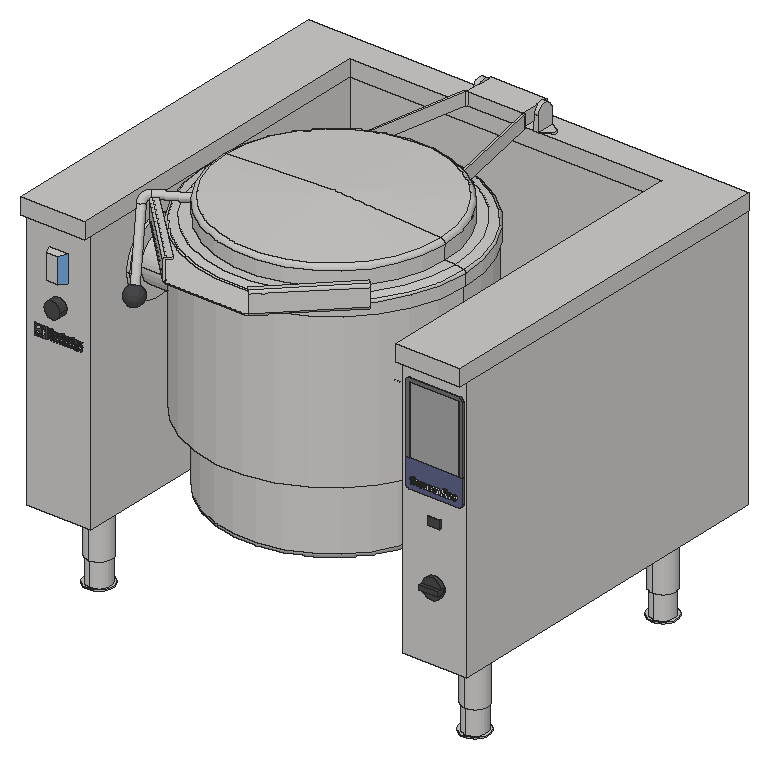
Revit family "QF_ELECTROLUXPROFESSIONAL_587176_PBOT06SCJO", category Attrezzature speciali, Revit 2020
Family settings
  Quota connettore circolare = Usa diametro
  Tipo di parte = Normale
  Basato su piano di lavoro = No
  Sempre verticale = Sì
  Taglio con vuoti quando caricato = No
  Condiviso = No
  Punto di calcolo locali = No
Parameters (values of type "Standard")
  Weight = 170.00 kg
  Watts = 200 W
  Volts = 230 V
  URL Manufacturer = "https://www.electroluxprofessional.com/"
  URL = "https://www.electroluxprofessional.com/"
  Steam Supply Size = 25.4 mm
  Steam Supply Minimum Pressure = 3.28084 Pa
  Steam Supply Maximum Pressure = 4.92126 Pa
  Steam Consumption per Hour = 40
  Refrigeration Suction Line Size = 0.0 mm
  Refrigeration Liquid Line Size = 0.0 mm
  Refrigerant Compressor Remote = yes
  Prospetto di default = 0.0 mm
  Produttore = "Electrolux Professional"
  Phase = 1
  Modello = "PBOT06SCJO"
  Length Actual = 1100.0 mm  # constant formula
  Item Number = "587176"
  Hot Water Size = 12.7 mm
  Height Actual = 700.0 mm  # constant formula
  HP = "0.3 HP"
  Gas Size = 0 mm
  Gas KW = 0
  Gas Input Pressure = 0 W
  Direct Waste Size = 0 mm
  Descrizione = "STEAM (ELEC) BOILING PAN,TILTING,60LT,230V,FS,MARINE"
  Depth Actual = 900.0 mm  # constant formula
  Cycle = 50 Hz
  Condensate Return Size = 25.4 mm
  Compressed Air Volume = 0.0 L/s
  Compressed Air Size = 0 mm
  Compressed Air Pressure = 0.0 Pa
  Cold Water Size = 12.7 mm
  Accessory = yes
Reference planes
  plane 1 "Center (Front/Back)": y = 0
  plane 2: z = 0
  plane 3 "Center (Left/Right)": x = 0
  plane 4 "LEFT": x = -550
  plane 5 "RIGHT": x = 550
  plane 6 "BACK": y = 450
  plane 7 "FRONT": y = -450
  plane 8 "Base": z = 200
  plane 9 "TOP": z = 900
  plane 10: x = -390
  plane 11: x = 390
  plane 12 "Axe_PentolaY": y = -230
  plane 13 "AxePentolaZ": z = 730
  plane 14 "PLANE_TOP": z = 860
  plane 15: y = 380
  plane 16: x = -324.5
  plane 17: z = 880
  plane 18: z = 495
  plane 19: z = 295
  plane 20: x = -278.5
  plane 21: y = -558
  plane 22 "CentroPentolaY": y = -158
  plane 23 "TopCoperchio": z = 981
  plane 24 "Versamento": z = 910
  plane 25 "V1": through (-107.18, -558, 4000) normal (-0.7071, -0.7071, 0)
  plane 26 "V2": through (107.18, -558, 4000) normal (-0.7071, 0.7071, 0)
  plane 27 "Gfront": y = -1300
  plane 28 "LEVEL": through (-245.562, -289.383, 4000) normal (0.866, 0.5, 0)
  plane 29 "GRight": x = 250
  plane 30 "GLeft": x = -250
  plane 31 "Gback": y = -100
  plane 32: z = 1756
  plane 33 "Ribaltamento": y = -623
  plane 34: x = -470
  plane 35: x = 470
Forms (mm)
  Revolve 1, solid, material "QF_Finishes_Stainless Steel"
    sketch origin (0, 0, 730) x (-1, 0, 0) y (0, -1, 0)
      loop
        line (390, 230) -> (-390, 230) -> (-390, 140) -> (-380, 140) -> (-380, 173) -> (380, 173) -> (380, 140) -> (390, 140) -> (390, 230)
      axis (390, 230) -> (-390, 230)
    angle from 0 to 360
  Extrusion 2, solid, material "QF_Finishes_Stainless Steel"
    sketch origin (0, 0, 860) x (-1, 0, 0) y (0, -1, 0)
      loop
        line (550, 450) -> (390, 450) -> (390, -380) -> (-390, -380) -> (-390, 450) -> (-550, 450) -> (-550, -450) -> (550, -450) -> (550, 450)
    from 0 to 40
  Extrusion 3, solid, material "QF_Finishes_Stainless Steel"
    sketch origin (0, 0, 860) x (-1, 0, 0) y (0, -1, 0)
      loop
        line (390, -380) -> (-390, -380) -> (-390, -450) -> (390, -450) -> (390, -380)
    from 0 to -360
  Revolve 4, solid, material "QF_Finishes_Stainless Steel"
    sketch origin (0, -158, 0) x (-1, 0, 0) y (0, 0, 1)
      loop
        line (0, 880) -> (0, 295)
        arc (0, 295) -> (134.311, 298.607) -> (268.234, 309.425) r 2500
        arc (268.234, 309.425) -> (275.557, 313.176) -> (278.5, 320.859) r 11.5
        line (278.5, 320.859) -> (278.5, 495) -> (324.5, 495) -> (324.5, 880) -> (0, 880)
      axis (0, 880) -> (0, 295)
    angle from 0 to 360
  Revolve 5, solid, material "QF_Finishes_Stainless Steel"
    sketch origin (0, -158, 0) x (-1, 0, 0) y (0, 0, 1)
      loop
        line (329.5, 880) -> (329.5, 908.417)
        arc (329.5, 908.417) -> (328.283, 912.04) -> (325.126, 914.193) r 6
        line (325.126, 914.193) -> (304.5, 920) -> (278.5, 920) -> (278.5, 954.728)
        arc (278.5, 954.728) -> (275.569, 962.398) -> (268.269, 966.158) r 11.5
        arc (268.269, 966.158) -> (134.339, 977.287) -> (0, 981) r 2431.82
        line (0, 981) -> (0, 880) -> (329.5, 880)
      axis (0, 981) -> (0, 880)
    angle from 0 to 360
  Extrusion 6, solid, material "QF_Finishes_Stainless Steel"
    sketch origin (0, 0, 910) x (-1, 0, 0) y (0, -1, 0)
      loop
        line (252.412, 369.799) -> (271.162, 385.532) -> (98.694, 558) -> (-98.694, 558) -> (-102.937, 553.757) -> (-271.162, 385.532) -> (-252.412, 369.799)
        arc (-252.412, 369.799) -> (0, 487.5) -> (252.412, 369.799) r 329.5
    from 0 to 3
  Sweep 7, solid, material "QF_Finishes_Stainless Steel"
    path origin (0, 0, 910) x (-1, 0, 0) y (0, -1, 0)
      loop
        line (107.18, 558) -> (275.776, 389.404)
    profile origin (-191.478, -473.702, 910) x (-0.707107, -0.707107, 0) y (0, 0, 1)
      loop
        arc (-6, 0) -> (-1.757, 1.757) -> (0, 6) r 6
        line (0, 6) -> (0, 50)
        arc (0, 50) -> (-1.757, 54.243) -> (-6, 56) r 6
        line (-6, 56) -> (-19, 56) -> (-19, 53) -> (-6, 53)
        arc (-6, 53) -> (-3.879, 52.121) -> (-3, 50) r 3
        line (-3, 50) -> (-3, 6)
        arc (-3, 6) -> (-3.879, 3.879) -> (-6, 3) r 3
        line (-6, 3) -> (-19, 3) -> (-19, 0) -> (-6, 0)
  Sweep 8, solid, material "QF_Finishes_Stainless Steel"
    path origin (0, 0, 910) x (-1, 0, 0) y (0, -1, 0)
      loop
        line (-107.18, 558) -> (-275.776, 389.404)
    profile origin (191.478, -473.702, 910) x (-0.707107, 0.707107, 0) y (0, 0, 1)
      loop
        arc (0, 6) -> (1.757, 1.757) -> (6, 0) r 6
        line (6, 0) -> (19, 0) -> (19, 3) -> (6, 3)
        arc (6, 3) -> (3.879, 3.879) -> (3, 6) r 3
        line (3, 6) -> (3, 50)
        arc (3, 50) -> (3.879, 52.121) -> (6, 53) r 3
        line (6, 53) -> (19, 53) -> (19, 56) -> (6, 56)
        arc (6, 56) -> (1.757, 54.243) -> (0, 50) r 6
        line (0, 50) -> (0, 6)
  Extrusion 9, solid, material "QF_Finishes_Stainless Steel"
    sketch origin (0, 0, 0) x (0, 1, 0) y (0, 0, 1)
      loop
        line (420, 900) -> (420, 938.813)
        arc (420, 938.813) -> (400, 958.813) -> (380, 938.813) r 20
        line (380, 938.813) -> (380, 900) -> (420, 900)
    from -70 to -82
  Extrusion 10, solid, material "QF_Finishes_Stainless Steel"
    sketch origin (0, 0, 900) x (0, 1, 0) y (-1, 0, 0)
      loop
        arc (340.954, 71.665) -> (343.858, 69.937) -> (345, 66.757) r 5
        line (345, 66.757) -> (345, -66.757)
        arc (345, -66.757) -> (343.858, -69.937) -> (340.954, -71.665) r 5
        line (340.954, -71.665) -> (93.426, -119.779)
        arc (93.426, -119.779) -> (92.062, -122.602) -> (90.666, -125.409) r 278.5
        line (90.666, -125.409) -> (341.908, -76.573)
        arc (341.908, -76.573) -> (346.566, -74.299) -> (349.459, -70) r 10
        line (349.459, -70) -> (420, -70) -> (420, 70) -> (349.459, 70)
        arc (349.459, 70) -> (346.566, 74.299) -> (341.908, 76.573) r 10
        line (341.908, 76.573) -> (90.666, 125.409)
        arc (90.666, 125.409) -> (92.062, 122.602) -> (93.426, 119.779) r 278.5
        line (93.426, 119.779) -> (340.954, 71.665)
    from 23.419 to 54.644
  Extrusion 11, solid, material "QF_Finishes_Stainless Steel"
    sketch origin (0, 0, 0) x (0, 1, 0) y (0, 0, 1)
      loop
        line (420, 900) -> (420, 938.813)
        arc (420, 938.813) -> (400, 958.813) -> (380, 938.813) r 20
        line (380, 938.813) -> (380, 900) -> (420, 900)
    from 70 to 82
  Extrusion 12, solid, material "QF_Finishes_Stainless Steel"
    sketch origin (0, 0, 900) x (0, 1, 0) y (-1, 0, 0)
      loop
        arc (391.973, -103.927) -> (400, -108.689) -> (408.027, -103.927) r 9.146
        line (408.027, -103.927) -> (420, -82) -> (380, -82) -> (391.973, -103.927)
      loop
        line (391.973, 103.927) -> (380, 82) -> (420, 82) -> (408.027, 103.927)
        arc (408.027, 103.927) -> (400, 108.689) -> (391.973, 103.927) r 9.146
    from 0 to 3
  Extrusion 13, solid, material "QF_Door-Drawer Clearances", detail levels coarse
    sketch origin (0, 0, 0) x (0, 1, 0) y (0, 0, 1)
      loop
        line (420, 954.644) -> (-100, 1756.433)
        arc (-100, 1756.433) -> (-429.239, 1419.298) -> (-558, 966) r 958.386
        line (-558, 966) -> (-427.491, 966)
        arc (-427.491, 966) -> (-426.775, 966.163) -> (-426.05, 966.281) r 12.073
        arc (-426.05, 966.281) -> (-158, 981) -> (110.05, 966.281) r 2448.189
        arc (110.05, 966.281) -> (117.432, 962.392) -> (120.529, 954.644) r 12.073
        line (120.529, 954.644) -> (420, 954.644)
    from -125 to 125
  Extrusion 14, solid, material "QF_Door-Drawer Clearances", detail levels coarse
    sketch origin (0, 0, 0) x (0, 1, 0) y (0, 0, 1)
      loop
        arc (-558, 946.483) -> (-618.885, 673.279) -> (-482.5, 428.848) r 393
        line (-482.5, 428.848) -> (-482.5, 880) -> (-487.5, 880) -> (-487.5, 910) -> (-553.757, 910)
        spline (-553.757, 910) -> (-554.311, 910.051) -> (-554.855, 910.204) -> (-555.381, 910.457) -> (-555.879, 910.804) -> (-556.34, 911.24) -> (-556.757, 911.757) -> (-557.123, 912.347) -> (-557.432, 913) -> (-557.677, 913.704) -> (-557.855, 914.447) -> (-557.964, 915.217) -> (-558, 916)
        line (-558, 916) -> (-558, 946.483)
    from -100 to 100
Cuts and joins
  joined: Extrusion 6, Sweep 7, Sweep 8
Lines and regions (mm)
  symbolic lines
    curve 1: line (550, 450, 900) -> (-550, 450, 900)
    curve 2: line (550, -450, 900) -> (550, 450, 900)
    curve 3: line (-550, 450, 900) -> (-550, -450, 900)
    curve 4: line (-550, -450, 900) -> (-390, -450, 900)
    curve 5: line (-390, -450, 900) -> (-390, 380, 900)
    curve 6: line (390, 380, 900) -> (390, -450, 900)
    curve 7: line (390, -450, 900) -> (550, -450, 900)
    curve 8: line (380, -140, 900) -> (380, -320, 900)
    curve 9: line (-380, -140, 900) -> (-380, -320, 900)
    curve 10: arc (329.5, -158, 900) -> (0, 171.5, 900) -> (-329.5, -158, 900) r 329.5
    curve 11: arc (-280.749, -330.483, 900) -> (285.355, 6.75, 900) -> (-289.749, -314.894, 900) r 329.5
    curve 12: circle (0, -158, 900) r 278.5 normal (0, 0, 1)
    curve 13: arc (-259.09, -317.978, 900) -> (263.705, -5.75, 900) -> (-268.09, -302.389, 900) r 304.5
    curve 14: line (-380, -140, 900) -> (-390, -140, 900)
    curve 15: line (-380, -320, 900) -> (-390, -320, 900)
    curve 16: line (380, -140, 900) -> (390, -140, 900)
    curve 17: line (380, -320, 900) -> (390, -320, 900)
    curve 18: line (-70, 349.459, 900) -> (-70, 420, 900)
    curve 19: line (-82, 420, 900) -> (82, 420, 900)
    curve 20: line (70, 420, 900) -> (70, 349.459, 900)
    curve 21: line (-119.779, 93.426, 900) -> (-71.665, 340.954, 900)
    curve 22: line (-76.573, 341.908, 900) -> (-125.409, 90.666, 900)
    curve 23: line (71.665, 340.954, 900) -> (119.779, 93.426, 900)
    curve 24: line (-66.757, 345, 900) -> (66.757, 345, 900)
    curve 25: line (125.409, 90.666, 900) -> (76.573, 341.908, 900)
    curve 26: arc (-70, 349.459, 900) -> (-74.299, 346.566, 900) -> (-76.573, 341.908, 900) r 10
    curve 27: arc (-71.665, 340.954, 900) -> (-69.937, 343.858, 900) -> (-66.757, 345, 900) r 5
    curve 28: arc (66.757, 345, 900) -> (69.937, 343.858, 900) -> (71.665, 340.954, 900) r 5
    curve 29: arc (76.573, 341.908, 900) -> (74.299, 346.566, 900) -> (70, 349.459, 900) r 10
    curve 30: line (107.18, -558, 900) -> (-107.18, -558, 900)
    curve 31: line (-107.18, -558, 900) -> (-275.776, -389.404, 900)
    curve 32: line (-275.776, -389.404, 900) -> (-262.341, -375.969, 900)
    curve 33: line (-262.341, -375.969, 900) -> (-93.745, -544.565, 900)
    curve 34: line (-93.745, -544.565, 900) -> (-107.18, -558, 900)
    curve 35: line (107.18, -558, 900) -> (93.745, -544.565, 900)
    curve 36: line (93.745, -544.565, 900) -> (262.341, -375.969, 900)
    curve 37: line (262.341, -375.969, 900) -> (275.776, -389.404, 900)
    curve 38: line (275.776, -389.404, 900) -> (107.18, -558, 900)
    curve 39: line (261.166, -377.144, 900) -> (252.412, -369.799, 900)
    curve 40: line (-261.166, -377.144, 900) -> (-252.412, -369.799, 900)
    curve 41: line (-103.927, 391.973, 900) -> (-82, 380, 900)
    curve 42: arc (-103.927, 408.027, 900) -> (-108.689, 400, 900) -> (-103.927, 391.973, 900) r 9.146
    curve 43: line (-82, 420, 900) -> (-103.927, 408.027, 900)
    curve 44: line (-82, 420, 900) -> (-82, 380, 900)
    curve 45: line (82, 380, 900) -> (82, 420, 900)
    curve 46: line (103.927, 408.027, 900) -> (82, 420, 900)
    curve 47: arc (103.927, 391.973, 900) -> (108.689, 400, 900) -> (103.927, 408.027, 900) r 9.146
    curve 48: line (82, 380, 900) -> (103.927, 391.973, 900)
    curve 54: line (-390, 380, 900) -> (-70, 380, 900)
    curve 55: line (390, 380, 900) -> (70, 380, 900)
    curve 56: line (-380, -172.761, 900) -> (-329.169, -172.761, 900)
    curve 57: line (-380, -286.868, 900) -> (-303.254, -286.868, 900)
    curve 58: line (380, -172.761, 900) -> (329.169, -172.761, 900)
    curve 59: line (380, -286.868, 900) -> (303.254, -286.868, 900)
  symbolic lines, style "SpecialityEquipmentHiddenLines"
    curve 49: line (-250, -1300, 900) -> (250, -1300, 900)
    curve 50: line (-250, -100, 900) -> (-250, -1300, 900)
    curve 51: line (250, -100, 900) -> (-250, -100, 900)
    curve 52: line (250, -1300, 900) -> (250, -100, 900)
    curve 76: line (0, -1165.484, 900) -> (0, -1135.484, 900)
    curve 77: line (-15, -1150.484, 900) -> (15, -1150.484, 900)
  symbolic lines, style "SpecialityEquipment"
    curve 53: circle (0, -1150.484, 900) r 15 normal (0, 0, 1)
    curve 60: line (210, -1300, 900) -> (210, -1100, 900)
    curve 61: line (170, -1300, 900) -> (170, -1140, 900)
    curve 62: line (130, -1300, 900) -> (130, -1180, 900)
    curve 63: line (90, -1300, 900) -> (90, -1220, 900)
    curve 64: line (90, -1260, 900) -> (250, -1260, 900)
    curve 65: line (130, -1220, 900) -> (250, -1220, 900)
    curve 66: line (170, -1180, 900) -> (250, -1180, 900)
    curve 67: line (210, -1140, 900) -> (250, -1140, 900)
    curve 68: line (-210, -1300, 900) -> (-210, -1100, 900)
    curve 69: line (-170, -1300, 900) -> (-170, -1140, 900)
    curve 70: line (-130, -1300, 900) -> (-130, -1180, 900)
    curve 71: line (-90, -1300, 900) -> (-90, -1220, 900)
    curve 72: line (-90, -1260, 900) -> (-250, -1260, 900)
    curve 73: line (-130, -1220, 900) -> (-250, -1220, 900)
    curve 74: line (-170, -1180, 900) -> (-250, -1180, 900)
    curve 75: line (-210, -1140, 900) -> (-250, -1140, 900)
Dimensions and locks
  plane 4 "LEFT" to plane 5 "RIGHT" = 1100.0 mm
  equal spacing: plane 4 "LEFT", plane 3 "Center (Left/Right)", plane 5 "RIGHT"
  equal spacing: plane 6 "BACK", plane 1 "Center (Front/Back)", plane 7 "FRONT"
  plane 6 "BACK" to plane 7 "FRONT" = 900.0 mm
  plane 8 "Base" to level = 200.0 mm
  plane 9 "TOP" to level = 900.0 mm
  plane 9 "TOP" to plane 8 "Base" = 700.0 mm
  locked: plane 4 "LEFT" to plane 10 at 160
  locked: plane 11 to plane 5 "RIGHT" at 160
  locked: plane 6 "BACK" to plane 12 "Axe_PentolaY" at 680
  locked: plane 13 "AxePentolaZ" to plane 8 "Base" at 530
  locked: Revolve 1 sketch curve to Revolve 1 sketch curve at 57
  locked: Revolve 1 sketch curve to Revolve 1 sketch curve at 90
  locked: plane 10 to Revolve 1 sketch curve at 10
  locked: Revolve 1 sketch curve to plane 11 at 10
  locked: plane 9 "TOP" to plane 14 "PLANE_TOP" at 40
  plane 6 "BACK" to plane 15 = 70.0 mm
  locked: plane 17 to plane 13 "AxePentolaZ" at 150
  locked: plane 13 "AxePentolaZ" to plane 18 at 235
  locked: plane 18 to plane 19 at 200
  locked: plane 3 "Center (Left/Right)" to plane 16 at 324.5
  locked: plane 3 "Center (Left/Right)" to plane 20 at 278.5
  Revolve 5 sketch curve to plane 17 = 40.0 mm
  locked: plane 16 to Revolve 5 sketch curve at 5
  plane 6 "BACK" to plane 21 = 1008.0 mm
  locked: plane 6 "BACK" to plane 22 "CentroPentolaY" at 608
  locked: plane 23 "TopCoperchio" to plane 9 "TOP" at 81
  locked: plane 24 "Versamento" to level at 910
  plane 6 "BACK" to plane 27 "Gfront" = 1750.0 mm
  locked: plane 30 "GLeft" to plane 3 "Center (Left/Right)" at 250
  locked: plane 3 "Center (Left/Right)" to plane 29 "GRight" at 250
  plane 6 "BACK" to plane 31 "Gback" = 550.0 mm
  plane 32 to plane 9 "TOP" = 856.0 mm
  plane 6 "BACK" to plane 33 "Ribaltamento" = 1073.0 mm
  equal spacing: plane 10, plane 34, plane 4 "LEFT"
  equal spacing: plane 5 "RIGHT", plane 35, plane 11
  aligned and locked: level to plane 2
  aligned and locked: plane 5 "RIGHT" to nested 2
  aligned and locked: plane 4 "LEFT" to nested 1
  aligned and locked: plane 8 "Base" to nested 1
  aligned and locked: plane 8 "Base" to nested 2
  aligned and locked: plane 6 "BACK" to nested 2
  aligned and locked: plane 6 "BACK" to nested 1
  aligned and locked: plane 10 to Revolve 1 sketch curve
  aligned and locked: plane 11 to Revolve 1 sketch curve
  aligned and locked: plane 4 "LEFT" to Extrusion 2 sketch curve
  aligned and locked: Extrusion 2 sketch curve to plane 10
  aligned and locked: plane 7 "FRONT" to Extrusion 2 sketch curve  (x2)
  aligned and locked: Extrusion 2 sketch curve to plane 5 "RIGHT"
  aligned and locked: plane 11 to Extrusion 2 sketch curve
  aligned and locked: Extrusion 2 sketch curve to plane 6 "BACK"
  aligned and locked: plane 15 to Extrusion 2 sketch curve
  aligned and locked: Extrusion 3 sketch curve to plane 10
  aligned and locked: plane 6 "BACK" to Extrusion 3 sketch curve
  aligned and locked: plane 11 to Extrusion 3 sketch curve
  aligned and locked: Extrusion 3 sketch curve to plane 15
  aligned and locked: plane 3 "Center (Left/Right)" to Revolve 4 sketch curve
  aligned and locked: Revolve 4 sketch curve to plane 20
  aligned and locked: Revolve 4 sketch curve to plane 18
  aligned and locked: Revolve 4 sketch curve to plane 16
  aligned and locked: plane 17 to Revolve 4 sketch curve
  aligned and locked: Revolve 5 sketch curve to plane 17
  aligned and locked: Extrusion 9 sketch curve to plane 15
  aligned and locked: Extrusion 9 sketch curve to Extrusion 2
  aligned and locked: curve 49 to plane 27 "Gfront"
  aligned and locked: curve 50 to plane 30 "GLeft"
  aligned and locked: plane 29 "GRight" to curve 52
  aligned and locked: plane 31 "Gback" to curve 51
  aligned and locked: plane 34 to nested 3
  aligned and locked: plane 35 to nested 4
Automatic sketch dimensions
  Revolve 1 sketch curve to plane 12 "Axe_PentolaY" = 0.0 mm  (x2)
  plane 22 "CentroPentolaY" to Revolve 1 sketch curve = 18.0 mm
  plane 5 "RIGHT" to Revolve 1 sketch curve = 432.098 mm
  Revolve 1 sketch curve to plane 4 "LEFT" = 580.148 mm
  Revolve 4 sketch curve to plane 3 "Center (Left/Right)" = 0.0 mm
  Revolve 4 sketch curve to plane 19 = 0.0 mm
  Revolve 4 sketch curve to plane 3 "Center (Left/Right)" = 0.059 mm
  Revolve 4 sketch curve to Revolve 4 sketch curve = 11.5 mm
  plane 19 to Revolve 4 sketch curve = 25.859 mm
  plane 23 "TopCoperchio" to Revolve 4 sketch curve = 1814.0 mm
  level to Revolve 4 sketch curve = 60.0 mm
  plane 23 "TopCoperchio" to Revolve 4 sketch curve = 179.0 mm
  Revolve 5 sketch curve to plane 3 "Center (Left/Right)" = 0.0 mm  (x2)
  plane 20 to Revolve 5 sketch curve = 0.0 mm
  Revolve 5 sketch curve to plane 23 "TopCoperchio" = 0.0 mm
  Revolve 5 sketch curve to Revolve 5 sketch curve = 11.5 mm
  plane 16 to Revolve 5 sketch curve = 20.0 mm
  plane 16 to Revolve 5 sketch curve = 1.0 mm
  Revolve 5 sketch curve to plane 16 = 0.626 mm
  Revolve 5 sketch curve to level = 1450.82 mm
  Revolve 5 sketch curve to plane 24 "Versamento" = 1.583 mm
  Revolve 5 sketch curve to plane 23 "TopCoperchio" = 26.272 mm
  Revolve 5 sketch curve to plane 18 = 95.0 mm
  plane 23 "TopCoperchio" to Revolve 5 sketch curve = 179.0 mm
  Sweep 7 sketch curve to plane 21 = 0.0 mm
  plane 25 "V1" to Sweep 7 sketch curve = 0.0 mm  (x2)
  plane 20 to Sweep 7 sketch curve = 2.724 mm
  Sweep 7 sketch curve to Sweep 7 sketch curve = 0.0 mm  (x4)
  plane 24 "Versamento" to Sweep 7 sketch curve = 0.0 mm
  Sweep 7 sketch curve to profile plane = 0.0 mm
  Sweep 7 sketch curve to Sweep 7 sketch curve = 3.0 mm  (x3)
  Sweep 7 sketch curve to Sweep 7 sketch curve = 13.0 mm  (x2)
  Sweep 7 sketch curve to Sweep 7 sketch curve = 44.0 mm
  Sweep 8 sketch curve to plane 26 "V2" = 0.0 mm  (x2)
  Sweep 8 sketch curve to plane 21 = 0.0 mm
  plane 29 "GRight" to Sweep 8 sketch curve = 25.776 mm
  Sweep 8 sketch curve to Sweep 8 sketch curve = 0.0 mm  (x4)
  Sweep 8 sketch curve to profile plane = 0.0 mm
  plane 24 "Versamento" to Sweep 8 sketch curve = 0.0 mm
  Sweep 8 sketch curve to Sweep 8 sketch curve = 3.0 mm  (x2)
  Sweep 8 sketch curve to profile plane = 6.0 mm
  Sweep 8 sketch curve to Sweep 8 sketch curve = 13.0 mm  (x2)
  Sweep 8 sketch curve to Sweep 8 sketch curve = 44.0 mm
  plane 15 to Extrusion 9 sketch curve = 20.0 mm
  plane 24 "Versamento" to Extrusion 9 sketch curve = 28.813 mm
  Extrusion 10 sketch curve to Extrusion 10 sketch curve = 0.0 mm  (x6)
  Extrusion 10 sketch curve to plane 3 "Center (Left/Right)" = 0.0 mm
  Extrusion 10 sketch curve to plane 22 "CentroPentolaY" = 0.0 mm
  Extrusion 10 sketch curve to plane 1 "Center (Front/Back)" = 90.666 mm  (x2)
  Extrusion 10 sketch curve to Extrusion 10 sketch curve = 2.76 mm  (x2)
  Extrusion 10 sketch curve to plane 15 = 40.0 mm  (x2)
  Extrusion 10 sketch curve to Extrusion 10 sketch curve = 0.954 mm  (x4)
  Extrusion 10 sketch curve to Extrusion 10 sketch curve = 5.0 mm
  Extrusion 10 sketch curve to Extrusion 10 sketch curve = 4.459 mm  (x2)
  Extrusion 10 sketch curve to plane 6 "BACK" = 30.0 mm
  plane 3 "Center (Left/Right)" to Extrusion 10 sketch curve = 66.757 mm
  plane 3 "Center (Left/Right)" to Extrusion 10 sketch curve = 70.0 mm
  plane 3 "Center (Left/Right)" to Extrusion 10 sketch curve = 119.779 mm
  Extrusion 10 sketch curve to plane 3 "Center (Left/Right)" = 66.757 mm
  Extrusion 10 sketch curve to Extrusion 10 sketch curve = 3.243 mm
  Extrusion 10 sketch curve to plane 3 "Center (Left/Right)" = 119.779 mm
  Extrusion 11 sketch curve to plane 9 "TOP" = 0.0 mm
  Extrusion 11 sketch curve to plane 15 = 0.0 mm
  plane 15 to Extrusion 11 sketch curve = 20.0 mm
  plane 24 "Versamento" to Extrusion 11 sketch curve = 28.813 mm
  Extrusion 12 sketch curve to plane 15 = 0.0 mm  (x2)
  plane 15 to Extrusion 12 sketch curve = 11.973 mm  (x2)
  Extrusion 12 sketch curve to Extrusion 12 sketch curve = 8.027 mm  (x4)
  Extrusion 12 sketch curve to Extrusion 12 sketch curve = 11.973 mm  (x2)
  plane 3 "Center (Left/Right)" to Extrusion 12 sketch curve = 103.927 mm
  Extrusion 12 sketch curve to Extrusion 12 sketch curve = 4.383 mm  (x2)
  Extrusion 12 sketch curve to Extrusion 12 sketch curve = 21.927 mm
  Extrusion 12 sketch curve to plane 3 "Center (Left/Right)" = 82.0 mm
  Extrusion 12 sketch curve to Extrusion 12 sketch curve = 17.543 mm
  Extrusion 13 sketch curve to plane 22 "CentroPentolaY" = 0.0 mm
  Extrusion 13 sketch curve to plane 31 "Gback" = 0.0 mm
  plane 7 "FRONT" to Extrusion 13 sketch curve = 22.509 mm
  Extrusion 13 sketch curve to Extrusion 13 sketch curve = 3.031 mm
  Extrusion 13 sketch curve to plane 23 "TopCoperchio" = 26.686 mm
  Extrusion 13 sketch curve to plane 1 "Center (Front/Back)" = 108.46 mm
  Extrusion 13 sketch curve to Extrusion 13 sketch curve = 12.068 mm
  Extrusion 13 sketch curve to level = 1467.189 mm
  Extrusion 13 sketch curve to Extrusion 13 sketch curve = 11.686 mm
  Extrusion 13 sketch curve to Extrusion 13 sketch curve = 1.441 mm
  plane 32 to Extrusion 13 sketch curve = 0.433 mm
  Extrusion 13 sketch curve to plane 21 = 0.0 mm
  plane 15 to Extrusion 13 sketch curve = 20.0 mm
  Extrusion 13 sketch curve to Extrusion 13 sketch curve = 20.0 mm
  Extrusion 13 sketch curve to Extrusion 13 sketch curve = 15.501 mm
  Extrusion 13 sketch curve to Extrusion 13 sketch curve = 0.331 mm
  Extrusion 14 sketch curve to plane 21 = 0.0 mm
  Extrusion 14 sketch curve to plane 24 "Versamento" = 0.0 mm
  Extrusion 14 sketch curve to plane 17 = 0.0 mm
  Extrusion 14 sketch curve to plane 12 "Axe_PentolaY" = 0.0 mm
  Extrusion 14 sketch curve to plane 13 "AxePentolaZ" = 0.0 mm
  Extrusion 14 sketch curve to plane 7 "FRONT" = 37.5 mm
  Extrusion 14 sketch curve to plane 7 "FRONT" = 32.5 mm
  Extrusion 14 sketch curve to plane 18 = 66.152 mm
  plane 21 to Extrusion 14 sketch curve = 4.243 mm
  Extrusion 14 sketch curve to Extrusion 14 sketch curve = 4.243 mm
  plane 24 "Versamento" to Extrusion 14 sketch curve = 6.0 mm
  Extrusion 14 sketch curve to Extrusion 14 sketch curve = 0.0 mm
  Extrusion 6 sketch curve to plane 3 "Center (Left/Right)" = 0.0 mm
  Extrusion 6 sketch curve to plane 21 = 0.0 mm
  Extrusion 6 sketch curve to plane 22 "CentroPentolaY" = 0.0 mm
  plane 3 "Center (Left/Right)" to Extrusion 6 sketch curve = 98.694 mm
  plane 21 to Extrusion 6 sketch curve = 4.243 mm
  Extrusion 6 sketch curve to Extrusion 6 sketch curve = 4.243 mm
  plane 29 "GRight" to Extrusion 6 sketch curve = 2.412 mm
  plane 29 "GRight" to Extrusion 6 sketch curve = 21.162 mm
  Extrusion 6 sketch curve to plane 30 "GLeft" = 2.412 mm
  plane 20 to Extrusion 6 sketch curve = 7.338 mm
  plane 7 "FRONT" to Extrusion 6 sketch curve = 80.201 mm
  Extrusion 6 sketch curve to Extrusion 6 sketch curve = 15.734 mm  (x2)
  Extrusion 6 sketch curve to plane 3 "Center (Left/Right)" = 98.694 mm
  curve 10 to curve 11 = 0.0 mm  (x4)
  curve 10 to curve 12 = 0.0 mm  (x3)
  curve 10 to curve 13 = 0.0 mm  (x4)
  curve 26 to curve 27 = 0.0 mm  (x2)
  curve 28 to curve 29 = 0.0 mm  (x2)
  curve 76 to plane 3 "Center (Left/Right)" = 0.0 mm
  curve 53 to plane 3 "Center (Left/Right)" = 0.0 mm
  curve 35 to plane 21 = 0.0 mm
  curve 5 to plane 7 "FRONT" = 0.0 mm
  curve 7 to plane 5 "RIGHT" = 0.0 mm
  curve 7 to plane 7 "FRONT" = 0.0 mm
  plane 25 "V1" to curve 32 = 0.0 mm
  curve 38 to plane 26 "V2" = 0.0 mm  (x2)
  curve 17 to plane 11 = 0.0 mm
  curve 15 to plane 10 = 0.0 mm
  curve 55 to plane 15 = 0.0 mm
  curve 54 to plane 15 = 0.0 mm
  curve 2 to plane 6 "BACK" = 0.0 mm
  plane 25 "V1" to curve 31 = 0.0 mm
  curve 3 to plane 4 "LEFT" = 0.0 mm
  plane 27 "Gfront" to curve 53 = 149.516 mm
  plane 21 to curve 33 = 13.435 mm
  plane 21 to curve 35 = 13.435 mm
  plane 20 to curve 32 = 2.724 mm
  plane 29 "GRight" to curve 38 = 25.776 mm
  plane 10 to curve 9 = 10.0 mm
  curve 9 to plane 12 "Axe_PentolaY" = 90.0 mm
  curve 8 to plane 11 = 10.0 mm
  curve 8 to plane 12 "Axe_PentolaY" = 90.0 mm
  plane 22 "CentroPentolaY" to curve 8 = 18.0 mm
  plane 22 "CentroPentolaY" to curve 14 = 18.0 mm
  curve 26 to plane 15 = 40.0 mm
  curve 28 to plane 15 = 40.0 mm
  curve 26 to curve 21 = 0.954 mm
  curve 28 to curve 23 = 0.954 mm
  curve 27 to curve 22 = 0.954 mm
  curve 28 to curve 25 = 0.954 mm
  curve 26 to curve 24 = 5.0 mm
  curve 24 to curve 20 = 4.459 mm
  curve 27 to curve 18 = 4.459 mm
  plane 15 to curve 48 = 11.973 mm
  plane 15 to curve 41 = 11.973 mm
  curve 42 to curve 42 = 8.027 mm
  curve 48 to curve 47 = 8.027 mm
  curve 42 to curve 43 = 8.027 mm
  curve 47 to curve 46 = 8.027 mm
  curve 43 to curve 43 = 11.973 mm
  plane 3 "Center (Left/Right)" to curve 48 = 103.927 mm
  curve 46 to curve 47 = 4.383 mm
  curve 46 to curve 45 = 21.927 mm
  curve 45 to curve 25 = 5.427 mm
  curve 25 to curve 23 = 4.908 mm
  curve 26 to plane 3 "Center (Left/Right)" = 66.757 mm
  curve 27 to curve 18 = 3.243 mm
  curve 18 to curve 44 = 12.0 mm
  curve 19 to curve 42 = 17.543 mm
  curve 42 to curve 41 = 4.383 mm
  curve 71 to curve 72 = 40.0 mm
  curve 63 to curve 64 = 40.0 mm
  curve 72 to curve 73 = 40.0 mm
  curve 64 to curve 65 = 40.0 mm
  curve 63 to curve 65 = 0.0 mm
  curve 73 to curve 71 = 0.0 mm
  curve 73 to curve 74 = 40.0 mm
  curve 65 to curve 62 = 40.0 mm
  curve 62 to curve 66 = 0.0 mm
  curve 74 to curve 70 = 0.0 mm
  curve 76 to curve 53 = 15.0 mm
  curve 77 to curve 53 = 0.0 mm
  curve 66 to curve 67 = 40.0 mm
  curve 74 to curve 75 = 40.0 mm
  curve 75 to curve 69 = 0.0 mm
  curve 61 to curve 67 = 0.0 mm
  curve 67 to curve 60 = 40.0 mm
  curve 75 to curve 68 = 40.0 mm
  curve 40 to plane 30 "GLeft" = 11.166 mm
  plane 29 "GRight" to curve 39 = 11.166 mm
  curve 40 to plane 30 "GLeft" = 2.412 mm
  curve 40 to curve 40 = 7.345 mm
  plane 29 "GRight" to curve 39 = 2.412 mm
  curve 11 to plane 20 = 2.249 mm
  curve 13 to plane 30 "GLeft" = 9.09 mm
  curve 11 to plane 20 = 11.249 mm
  plane 20 to curve 13 = 10.41 mm
  plane 29 "GRight" to curve 59 = 53.254 mm
  curve 9 to curve 57 = 33.132 mm
  curve 56 to plane 16 = 4.669 mm
  curve 58 to plane 22 "CentroPentolaY" = 14.761 mm
  curve 22 to plane 1 "Center (Front/Back)" = 90.666 mm
  curve 25 to plane 1 "Center (Front/Back)" = 90.666 mm
  curve 25 to curve 23 = 2.76 mm
  curve 22 to curve 21 = 2.76 mm
  curve 10 to curve 58 = 0.331 mm
  curve 67 to curve 67 = 40.0 mm
  curve 67 to curve 66 = 40.0 mm
  curve 61 to curve 62 = 40.0 mm
  plane 3 "Center (Left/Right)" to curve 25 = 125.409 mm
  curve 62 to curve 64 = 40.0 mm
  curve 71 to plane 3 "Center (Left/Right)" = 90.0 mm
  curve 71 to curve 73 = 40.0 mm
  curve 70 to curve 69 = 40.0 mm
  curve 68 to curve 49 = 40.0 mm
  curve 11 to curve 12 = 0.0 mm  (x2)
  curve 11 to curve 13 = 0.0 mm  (x2)
  curve 12 to curve 13 = 0.0 mm  (x2)
  curve 13 to plane 3 "Center (Left/Right)" = 0.0 mm
  curve 13 to plane 22 "CentroPentolaY" = 0.0 mm
  curve 11 to curve 13 = 12.505 mm
Nested families
  nested 1: "QF_ELECTROLUXPROFESSIONAL_PBOTS900_LEFT" at (-470, 0, 0), type "QF_ELECTROLUXPROFESSIONAL_PBOTS900_LEFT"
    with Body Finish QF_Finishes_Stainless Steel
  nested 2: "QF_ELECTROLUXPROFESSIONAL_PBOTS900_RIGHT" at (470, 0, 0), type "QF_ELECTROLUXPROFESSIONAL_PBOTS900_RIGHT"
    with Body Finish QF_Finishes_Stainless Steel
  nested 3: "QF_ELECTROLUXPROFESSIONAL_2FEET_THL_120xH200" at (-470, 0, 0), type "QF_ELECTROLUXPROFESSIONAL_2FEET_THL_120xH200"
  nested 4: "QF_ELECTROLUXPROFESSIONAL_2FEET_THL_120xH200" at (470, 0, 0), type "QF_ELECTROLUXPROFESSIONAL_2FEET_THL_120xH200"
  nested 5: "QF_ELECTROLUXPROFESSIONAL_PBOT900_LEVEL1" at (-241.188, -297.25, 940) x (0.866, 0.5, 0) z (0, 0, 1), type "QF_ELECTROLUXPROFESSIONAL_PBOT900_LEVEL1"
Connectors
  piping at (-500, 453, 395), diameter 12.7, driven by "Hot Water Size"
    settings: on nested 1, index 1, connector inside diameter 609.6 mm, connector length 0.0 mm, flow factor 0, pipe flow 0.0 L/s, pressure drop 0.0 Pa, fitting loss kfactor 0, connector angle 0.00°, fixture units 0, engagement length 0.0 mm, angle of deflection 0.00°, flow configuration 1, flow direction 1, fitting loss method 0, system type 19, joint type 0, gender type 0, connector reference index -1, connector utility 0, adjustable connector no, is connector primary yes, connector description "Hot Water Inlet"
  piping at (-440, 453, 395), diameter 12.7, driven by "Cold Water Size"
    settings: on nested 1, index 2, connector inside diameter 609.6 mm, connector length 0.0 mm, flow factor 0, pipe flow 0.0 L/s, pressure drop 0.0 Pa, fitting loss kfactor 0, connector angle 0.00°, fixture units 0, engagement length 0.0 mm, angle of deflection 0.00°, flow configuration 1, flow direction 1, fitting loss method 0, system type 20, joint type 0, gender type 0, connector reference index -1, connector utility 0, adjustable connector no, is connector primary no, connector description "Cold Water Inlet"
  electrical at (470, 450, 450), driven by "Volts"
    settings: on nested 2, index 3, voltage 230 V, apparent load 0 VA, apparent load phase1 0 VA, apparent load phase2 0 VA, apparent load phase3 0 VA, power factor 1, load classification "Other", number of poles 1, system type 30, power factor state 1, is connector primary yes, connector utility no, sub classification motor no, connector description "Electrical Connection"
  piping at (-470, 453, 340), diameter 25.4
    settings: on nested 1, index 4, connector inside diameter 609.6 mm, connector length 0.0 mm, flow factor 0, pipe flow 0.0 L/s, pressure drop 0.0 Pa, fitting loss kfactor 0, connector angle 0.00°, fixture units 0, engagement length 0.0 mm, angle of deflection 0.00°, flow configuration 1, flow direction 2, fitting loss method 0, system type 8, joint type 0, gender type 0, connector reference index -1, connector utility 0, adjustable connector no, is connector primary no, connector description "Steam Outlet"
  piping at (470, 453, 340), diameter 25.4
    settings: on nested 2, index 5, connector inside diameter 609.6 mm, connector length 0.0 mm, flow factor 0, pipe flow 0.0 L/s, pressure drop 0.0 Pa, fitting loss kfactor 0, connector angle 0.00°, fixture units 0, engagement length 0.0 mm, angle of deflection 0.00°, flow configuration 1, flow direction 1, fitting loss method 0, system type 7, joint type 0, gender type 0, connector reference index -1, connector utility 0, adjustable connector no, is connector primary no, connector description "Steam Inlet"
Definition of nested family "QF_ELECTROLUXPROFESSIONAL_PBOTS900_LEFT"
  Parameters
    Width = 160.0 mm
    Steam_z = 140.0 mm
    Steam_y = 239.0 mm
    Right = Width / 2  # 80.0 mm
    Default Elevation = 0.0 mm
    Left = -Width / 2  # -80.0 mm
    Htop = 40.0 mm
    Height = 900.0 mm
    HW_CW_z = 195.0 mm
    HW_CW_y = 312.0 mm
    HW_CW_Border = 50.0 mm
    HBase = 200.0 mm
    Depth = 900.0 mm
    BorderFront = 20.0 mm
    Body Finish [instance] = none
  Reference planes
    plane 1 "Center (Front/Back)": y = 0
    plane 2: z = 0
    plane 3 "Center (Left/Right)": x = 0
    plane 4 "LEFT": x = -80
    plane 5 "RIGHT": x = 80
    plane 6 "BACK": y = 450
    plane 7 "FRONT": y = -450
    plane 8 "TRAYSLIDER": y = -811.8
    plane 9 "Base": z = 200
    plane 10 "TOP": z = 900
    plane 11 "BorderFront": y = -430
    plane 12: z = 860
    plane 13 "HW_CW": y = 138
    plane 14: x = -30
    plane 15: x = 30
    plane 16 "SteamO": y = 211
    plane 17 "STEAM": z = 340
    plane 18 "CHW": z = 395
  Forms (mm)
    Extrusion 1, solid
      sketch origin (0, 0, 0) x (1, 0, 0) y (0, 1, 0)
        loop
          line (-80, 450) -> (-80, -430) -> (80, -430) -> (80, 450) -> (-80, 450)
      from 860 to 200
    Extrusion 2, solid
      sketch origin (-1.5, -430, 0) x (-1, 0, 0) y (0, 0, 1)
        loop
          circle (-1.5, 673.484) r 20
      from 0 to -20
    Extrusion 3, solid, material <- "Body Finish"
      sketch origin (0, 450, 0) x (-1, 0, 0) y (0, 0, 1)
        loop
          circle (30, 395) r 6.35
        loop
          circle (-30, 395) r 6.35
      from 3 to 0
    Blend 4, solid, material <- "Body Finish"
      base sketch origin (0, -430, -0.233) x (-1, 0, 0) y (0, 0, 1)
        loop
          line (23.5, 800.233) -> (-23.5, 800.233) -> (-23.5, 733.433) -> (23.5, 733.433) -> (23.5, 800.233)
      top sketch origin (0, -430, -0.233) x (-1, 0, 0) y (0, 0, 1)
        loop
          line (13.448, 797.45) -> (-13.448, 797.45) -> (-13.448, 736.216) -> (13.448, 736.216) -> (13.448, 797.45)
      from 0 to -20
    Extrusion 5, solid
      sketch origin (-12.54, -430, 23) x (-1, 0, 0) y (0, 0, 1)
        loop
          line (5.327, 593.058) -> (5.327, 590.846) -> (11.437, 590.846) -> (11.437, 587.616) -> (5.692, 587.616) -> (5.692, 585.398) -> (11.437, 585.398) -> (11.437, 583.444)
          arc (11.437, 583.444) -> (10.839, 582.088) -> (9.435, 581.614) r 1.838
          line (9.435, 581.614) -> (5.163, 581.614) -> (5.163, 579.403) -> (9.986, 579.403)
          arc (9.986, 579.403) -> (12.674, 580.517) -> (13.788, 583.205) r 3.802
          line (13.788, 583.205) -> (13.788, 593.058) -> (5.327, 593.058)
        loop
          line (3.492, 593.058) -> (1.141, 593.058) -> (1.141, 579.403) -> (3.492, 579.403) -> (3.492, 593.058)
        loop
          line (-47.588, 593.058) -> (-49.941, 593.058) -> (-49.941, 579.403) -> (-47.588, 579.403) -> (-47.588, 593.058)
        loop
          arc (-2.749, 583.764) -> (-3.194, 582.272) -> (-4.489, 581.409) r 2.29
          arc (-4.489, 581.409) -> (-6.614, 581.225) -> (-8.443, 582.322) r 3.458
          line (-8.443, 582.322) -> (-9.836, 580.928)
          arc (-9.836, 580.928) -> (-7.685, 579.48) -> (-5.119, 579.102) r 5.86
          arc (-5.119, 579.102) -> (-1.823, 580.467) -> (-0.457, 583.764) r 4.662
          arc (-0.457, 583.764) -> (-1.495, 587.706) -> (-5.131, 589.55) r 4.976
          arc (-5.131, 589.55) -> (-9.259, 588.004) -> (-10.466, 583.764) r 4.89
          line (-10.466, 583.764) -> (-2.749, 583.764)
        loop
          arc (-2.808, 585.417) -> (-3.843, 587.066) -> (-5.727, 587.557) r 2.64
          arc (-5.727, 587.557) -> (-7.36, 586.981) -> (-8.104, 585.417) r 2.256
          line (-8.104, 585.417) -> (-2.808, 585.417)
        loop
          arc (-19.634, 586.402) -> (-17.741, 587.437) -> (-15.609, 587.112) r 3.369
          arc (-15.609, 587.112) -> (-14.276, 585.699) -> (-14.118, 583.764) r 2.933
          arc (-14.118, 583.764) -> (-16.389, 581.316) -> (-19.559, 582.365) r 3.088
          line (-19.559, 582.365) -> (-21.028, 580.896)
          arc (-21.028, 580.896) -> (-14.811, 579.611) -> (-11.775, 585.186) r 5.33
          arc (-11.775, 585.186) -> (-13.576, 588.365) -> (-17.009, 589.62) r 5.293
          arc (-17.009, 589.62) -> (-19.259, 589.219) -> (-21.111, 587.878) r 5.117
          line (-21.111, 587.878) -> (-19.634, 586.402)
        loop
          line (-22.556, 593.058) -> (-24.908, 593.058) -> (-24.908, 589.279) -> (-27.044, 589.279) -> (-27.044, 587.143) -> (-24.908, 587.143) -> (-24.908, 583.764)
          arc (-24.908, 583.764) -> (-25.11, 582.682) -> (-25.866, 581.883) r 1.949
          arc (-25.866, 581.883) -> (-26.455, 581.649) -> (-27.088, 581.601) r 2.118
          line (-27.088, 581.601) -> (-27.088, 579.397)
          arc (-27.088, 579.397) -> (-24.962, 579.678) -> (-23.283, 581.013) r 4.018
          arc (-23.283, 581.013) -> (-22.759, 582.327) -> (-22.556, 583.727) r 6.031
          line (-22.556, 583.727) -> (-22.556, 593.058)
        loop
          line (-31.355, 584.595) -> (-31.355, 579.403) -> (-29.023, 579.403) -> (-29.023, 589.279) -> (-31.355, 589.279) -> (-31.355, 587.855)
          arc (-31.355, 587.855) -> (-32.932, 589.208) -> (-35.001, 589.403) r 3.432
          line (-35.001, 589.403) -> (-35.001, 587.143)
          arc (-35.001, 587.143) -> (-33.417, 587.175) -> (-32.009, 586.452) r 3.231
          arc (-32.009, 586.452) -> (-31.523, 585.579) -> (-31.355, 584.595) r 2.967
        loop
          circle (-40.752, 584.339) r 5.233
        loop
          circle (-40.752, 584.339) r 3.172
        loop
          line (-58.424, 583.516) -> (-58.424, 589.279) -> (-60.794, 589.279) -> (-60.794, 583.417)
          arc (-60.794, 583.417) -> (-59.481, 580.276) -> (-56.268, 579.153) r 4.181
          arc (-56.268, 579.153) -> (-53.09, 580.243) -> (-51.74, 583.32) r 4.181
          line (-51.74, 583.32) -> (-51.74, 589.279) -> (-54.111, 589.279) -> (-54.111, 583.516)
          arc (-54.111, 583.516) -> (-54.692, 581.919) -> (-56.268, 581.283) r 2.088
          arc (-56.268, 581.283) -> (-57.843, 581.919) -> (-58.424, 583.516) r 2.088
        loop
          line (-62.216, 589.279) -> (-64.76, 589.279) -> (-66.89, 586.347) -> (-69.053, 589.279) -> (-71.621, 589.279) -> (-68.238, 584.695) -> (-71.937, 579.4) -> (-69.425, 579.4) -> (-66.898, 582.879) -> (-64.408, 579.4) -> (-61.879, 579.4) -> (-65.631, 584.642) -> (-62.216, 589.279)
        loop
          arc (12.465, 573.743) -> (10.91, 572.325) -> (12.18, 570.647) r 1.561
          line (12.18, 570.647) -> (13.314, 570.647) -> (13.314, 569.021) -> (14.34, 569.021) -> (14.34, 573.743) -> (12.465, 573.743)
        loop
          line (12.224, 571.575) -> (13.314, 571.575) -> (13.314, 572.789) -> (12.224, 572.789)
          arc (12.224, 572.789) -> (11.836, 572.182) -> (12.224, 571.575) r 0.668
        loop
          arc (5.055, 573.743) -> (3.966, 573.299) -> (3.497, 572.221) r 1.559
          arc (3.497, 572.221) -> (3.646, 571.544) -> (4.091, 571.012) r 1.458
          line (4.091, 571.012) -> (3.163, 569.021) -> (4.265, 569.021) -> (4.944, 570.647) -> (5.937, 570.647) -> (5.937, 569.021) -> (6.963, 569.021) -> (6.963, 573.743) -> (5.055, 573.743)
        loop
          line (5.937, 572.789) -> (4.847, 572.789)
          arc (4.847, 572.789) -> (4.459, 572.182) -> (4.847, 571.575) r 0.668
          line (4.847, 571.575) -> (5.937, 571.575) -> (5.937, 572.789)
        loop
          circle (-2.866, 571.382) r 2.453
        loop
          circle (-2.866, 571.382) r 1.557
        loop
          line (-9.35, 573.743) -> (-12.299, 573.743) -> (-12.299, 572.725) -> (-10.352, 572.725) -> (-10.352, 571.729) -> (-12.129, 571.729) -> (-12.129, 570.671) -> (-10.352, 570.671) -> (-10.352, 569.021) -> (-9.35, 569.021) -> (-9.35, 573.743)
        loop
          line (-16.282, 573.743) -> (-19.27, 573.743) -> (-19.27, 572.851) -> (-17.252, 572.851) -> (-17.252, 571.921) -> (-19.139, 571.921) -> (-19.139, 571.029) -> (-17.252, 571.029)
          arc (-17.252, 571.029) -> (-17.355, 570.353) -> (-17.883, 569.916) r 0.961
          line (-17.883, 569.916) -> (-19.316, 569.916) -> (-19.316, 569.024) -> (-17.792, 569.024)
          arc (-17.792, 569.024) -> (-16.717, 569.474) -> (-16.282, 570.555) r 1.51
          line (-16.282, 570.555) -> (-16.282, 573.743)
        loop
          line (-33.381, 573.145) -> (-32.842, 572.436)
          arc (-32.842, 572.436) -> (-32.43, 572.802) -> (-31.895, 572.931) r 1.135
          arc (-31.895, 572.931) -> (-31.448, 572.574) -> (-31.757, 572.093) r 0.427
          arc (-31.757, 572.093) -> (-32.293, 571.892) -> (-32.815, 571.659) r 9.371
          arc (-32.815, 571.659) -> (-33.228, 571.39) -> (-33.551, 571.017) r 1.779
          arc (-33.551, 571.017) -> (-33.7, 570.209) -> (-33.41, 569.439) r 1.535
          arc (-33.41, 569.439) -> (-32.755, 569.091) -> (-32.028, 568.946) r 2.556
          arc (-32.028, 568.946) -> (-31.439, 569.005) -> (-30.895, 569.238) r 1.957
          arc (-30.895, 569.238) -> (-30.416, 569.671) -> (-30.118, 570.245) r 1.815
          line (-30.118, 570.245) -> (-30.944, 570.63)
          arc (-30.944, 570.63) -> (-31.179, 570.219) -> (-31.563, 569.943) r 1.118
          arc (-31.563, 569.943) -> (-32.007, 569.83) -> (-32.453, 569.935) r 0.963
          arc (-32.453, 569.935) -> (-32.693, 570.417) -> (-32.345, 570.828) r 0.489
          arc (-32.345, 570.828) -> (-31.793, 571.095) -> (-31.211, 571.289) r 4.78
          arc (-31.211, 571.289) -> (-30.52, 572.116) -> (-30.631, 573.188) r 1.385
          arc (-30.631, 573.188) -> (-31.232, 573.642) -> (-31.964, 573.821) r 1.872
          arc (-31.964, 573.821) -> (-32.756, 573.658) -> (-33.381, 573.145) r 1.69
        loop
          line (-37.714, 573.743) -> (-38.684, 573.743) -> (-38.684, 569.024) -> (-37.714, 569.024) -> (-37.714, 573.743)
        loop
          circle (-45.226, 571.384) r 1.468
        loop
          circle (-45.226, 571.384) r 2.451
        loop
          line (-51.736, 569.024) -> (-51.736, 573.743) -> (-52.679, 573.743) -> (-54.838, 570.686) -> (-54.838, 573.743) -> (-55.818, 573.743) -> (-55.818, 569.024) -> (-54.875, 569.024) -> (-52.716, 571.991) -> (-52.716, 569.024) -> (-51.736, 569.024)
        loop
          line (-60.71, 569.024) -> (-59.668, 569.024) -> (-61.514, 573.743) -> (-62.424, 573.743) -> (-64.417, 569.024) -> (-63.375, 569.024) -> (-62.915, 570.042) -> (-61.17, 570.042) -> (-60.71, 569.024)
        loop
          line (-62.48, 571.01) -> (-61.558, 571.01) -> (-62.012, 572.047) -> (-62.48, 571.01)
        loop
          line (-69.237, 569.916) -> (-71.051, 569.916) -> (-71.051, 569.024) -> (-68.266, 569.024) -> (-68.266, 573.743) -> (-69.237, 573.743) -> (-69.237, 569.916)
        loop
          line (-26.307, 573.145) -> (-25.768, 572.436)
          arc (-25.768, 572.436) -> (-25.356, 572.802) -> (-24.821, 572.931) r 1.135
          arc (-24.821, 572.931) -> (-24.373, 572.574) -> (-24.683, 572.093) r 0.427
          arc (-24.683, 572.093) -> (-25.218, 571.892) -> (-25.74, 571.659) r 9.371
          arc (-25.74, 571.659) -> (-26.153, 571.39) -> (-26.476, 571.017) r 1.779
          arc (-26.476, 571.017) -> (-26.625, 570.209) -> (-26.336, 569.439) r 1.535
          arc (-26.336, 569.439) -> (-25.681, 569.091) -> (-24.953, 568.946) r 2.556
          arc (-24.953, 568.946) -> (-24.365, 569.005) -> (-23.821, 569.238) r 1.957
          arc (-23.821, 569.238) -> (-23.341, 569.671) -> (-23.044, 570.245) r 1.815
          line (-23.044, 570.245) -> (-23.87, 570.63)
          arc (-23.87, 570.63) -> (-24.105, 570.219) -> (-24.488, 569.943) r 1.118
          arc (-24.488, 569.943) -> (-24.933, 569.83) -> (-25.379, 569.935) r 0.963
          arc (-25.379, 569.935) -> (-25.619, 570.417) -> (-25.27, 570.828) r 0.489
          arc (-25.27, 570.828) -> (-24.718, 571.095) -> (-24.137, 571.289) r 4.78
          arc (-24.137, 571.289) -> (-23.445, 572.116) -> (-23.556, 573.188) r 1.385
          arc (-23.556, 573.188) -> (-24.158, 573.642) -> (-24.889, 573.821) r 1.872
          arc (-24.889, 573.821) -> (-25.681, 573.658) -> (-26.307, 573.145) r 1.69
        loop
          arc (28.462, 593.245) -> (19.282, 580.828) -> (28.462, 568.412) r 12.987
          line (28.462, 568.412) -> (28.462, 593.245)
        loop
          line (29.418, 593.324) -> (29.418, 591.35)
          arc (29.418, 591.35) -> (32.835, 584.89) -> (39.417, 581.715) r 11.707
          line (39.417, 581.715) -> (45.017, 581.715)
          arc (45.017, 581.715) -> (39.886, 591.105) -> (29.418, 593.324) r 12.809
        loop
          line (29.725, 570.21) -> (29.725, 568.093)
          arc (29.725, 568.093) -> (40.061, 570.682) -> (45.028, 580.108) r 13.06
          line (45.028, 580.108) -> (40.92, 580.108)
          arc (40.92, 580.108) -> (33.58, 577.129) -> (29.725, 570.21) r 11.93
        loop
          line (45.971, 594.6) -> (18.333, 594.6) -> (18.333, 567) -> (45.971, 567) -> (45.971, 594.6)
      from -1.6 to 0
    Extrusion 6, solid
      sketch origin (0, 0, 200) x (0, 1, 0) y (-1, 0, 0)
        loop
          circle (138, 30) r 5
        loop
          circle (138, -30) r 5
      from 0 to -3
    Extrusion 7, solid
      sketch origin (0, 73, 200) x (0, 1, 0) y (-1, 0, 0)
        loop
          circle (138, 0) r 12.7
      from 0 to -3
    Extrusion 8, solid, material <- "Body Finish"
      sketch origin (0, 450, -55) x (-1, 0, 0) y (0, 0, 1)
        loop
          circle (0, 395) r 12.7
      from 3 to 0
  Lines and regions (mm)
    symbolic lines
      curve 1: line (80, 450, 0) -> (-80, 450, 0)
      curve 2: line (-80, 450, 0) -> (-80, -430, 0)
  Dimensions and locks
    "Width": plane 4 "LEFT" to plane 5 "RIGHT"
    equal spacing: plane 4 "LEFT", plane 3 "Center (Left/Right)", plane 5 "RIGHT"
    equal spacing: plane 6 "BACK", plane 1 "Center (Front/Back)", plane 7 "FRONT"
    "Depth": plane 6 "BACK" to plane 7 "FRONT"
    "BorderFront": plane 11 "BorderFront" to plane 7 "FRONT"
    "Htop": plane 10 "TOP" to plane 12
    "Height": plane 10 "TOP" to level
    "HBase": plane 9 "Base" to level
    "HW_CW_y": plane 6 "BACK" to plane 13 "HW_CW"
    "HW_CW_Border": plane 4 "LEFT" to plane 14
    "HW_CW_Border": plane 15 to plane 5 "RIGHT"
    "Steam_y": plane 6 "BACK" to plane 16 "SteamO"
    "Steam_z": plane 17 "STEAM" to plane 9 "Base"
    "HW_CW_z": plane 18 "CHW" to plane 9 "Base"
    aligned and locked: level to plane 2
    aligned and locked: plane 11 "BorderFront" to Extrusion 1 sketch curve
    aligned and locked: plane 12 to Extrusion 1
    aligned and locked: Extrusion 1 to plane 9 "Base"
    aligned and locked: plane 4 "LEFT" to Extrusion 1 sketch curve
    aligned and locked: Extrusion 1 sketch curve to plane 5 "RIGHT"
    aligned and locked: Extrusion 1 sketch curve to plane 6 "BACK"
  Automatic sketch dimensions
    curve 1 to plane 4 "LEFT" = 0.0 mm
    curve 1 to plane 5 "RIGHT" = 0.0 mm
    curve 2 to plane 11 "BorderFront" = 0.0 mm
    curve 2 to plane 6 "BACK" = 0.0 mm
    Extrusion 2 sketch curve to plane 3 "Center (Left/Right)" = 0.0 mm
    Extrusion 2 sketch curve to plane 12 = 186.516 mm
    Extrusion 3 sketch curve to plane 15 = 0.0 mm
    Extrusion 3 sketch curve to plane 14 = 0.0 mm
    Extrusion 3 sketch curve to plane 18 "CHW" = 0.0 mm  (x2)
    Blend 4 sketch curve to plane 15 = 6.5 mm
    plane 14 to Blend 4 sketch curve = 6.5 mm
    Blend 4 sketch curve to plane 12 = 126.8 mm
    Blend 4 sketch curve to plane 12 = 60.0 mm
    plane 3 "Center (Left/Right)" to Blend 4 sketch curve = 13.448 mm
    Blend 4 sketch curve to plane 3 "Center (Left/Right)" = 13.448 mm
    Blend 4 sketch curve to plane 12 = 124.017 mm
    Blend 4 sketch curve to Blend 4 sketch curve = 61.233 mm
    Extrusion 5 sketch curve to Extrusion 5 sketch curve = 0.0 mm  (x37)
    Extrusion 5 sketch curve to plane 5 "RIGHT" = 20.603 mm
    Extrusion 5 sketch curve to Extrusion 5 sketch curve = 0.317 mm
    Extrusion 5 sketch curve to Extrusion 5 sketch curve = 0.886 mm
    Extrusion 5 sketch curve to Extrusion 5 sketch curve = 2.512 mm
    Extrusion 5 sketch curve to Extrusion 5 sketch curve = 1.815 mm
    Extrusion 5 sketch curve to Extrusion 5 sketch curve = 2.567 mm
    Extrusion 5 sketch curve to Extrusion 5 sketch curve = 0.97 mm  (x3)
    Extrusion 5 sketch curve to Extrusion 5 sketch curve = 0.815 mm  (x2)
    Extrusion 5 sketch curve to Extrusion 5 sketch curve = 1.341 mm
    Extrusion 5 sketch curve to Extrusion 5 sketch curve = 1.348 mm
    Extrusion 5 sketch curve to Extrusion 5 sketch curve = 1.259 mm
    Extrusion 5 sketch curve to Extrusion 5 sketch curve = 2.13 mm
    Extrusion 5 sketch curve to Extrusion 5 sketch curve = 3.849 mm
    Extrusion 5 sketch curve to Extrusion 5 sketch curve = 2.49 mm
    Extrusion 5 sketch curve to Extrusion 5 sketch curve = 1.043 mm
    Extrusion 5 sketch curve to Extrusion 5 sketch curve = 0.46 mm  (x2)
    Extrusion 5 sketch curve to Extrusion 5 sketch curve = 0.435 mm  (x3)
    Extrusion 5 sketch curve to Extrusion 5 sketch curve = 0.055 mm  (x2)
    Extrusion 5 sketch curve to Extrusion 5 sketch curve = 2.544 mm
    Extrusion 5 sketch curve to Extrusion 5 sketch curve = 0.468 mm
    Extrusion 5 sketch curve to Extrusion 5 sketch curve = 2.528 mm
    Extrusion 5 sketch curve to Extrusion 5 sketch curve = 0.922 mm
    Extrusion 5 sketch curve to Extrusion 5 sketch curve = 0.91 mm
    Extrusion 5 sketch curve to Extrusion 5 sketch curve = 0.388 mm
    Extrusion 5 sketch curve to Extrusion 5 sketch curve = 1.422 mm
    Extrusion 5 sketch curve to Extrusion 5 sketch curve = 1.042 mm
    Extrusion 5 sketch curve to Extrusion 5 sketch curve = 2.371 mm
    Extrusion 5 sketch curve to Extrusion 5 sketch curve = 1.809 mm  (x2)
    Extrusion 5 sketch curve to Extrusion 5 sketch curve = 0.273 mm  (x2)
    Extrusion 5 sketch curve to Extrusion 5 sketch curve = 0.147 mm
    Extrusion 5 sketch curve to Extrusion 5 sketch curve = 5.696 mm
    Extrusion 5 sketch curve to Extrusion 5 sketch curve = 0.943 mm
    Extrusion 5 sketch curve to Extrusion 5 sketch curve = 0.037 mm  (x2)
    Extrusion 5 sketch curve to Extrusion 5 sketch curve = 2.122 mm
    Extrusion 5 sketch curve to Extrusion 5 sketch curve = 2.372 mm
    Extrusion 5 sketch curve to Extrusion 5 sketch curve = 0.944 mm
    Extrusion 5 sketch curve to Extrusion 5 sketch curve = 1.799 mm
    Extrusion 5 sketch curve to Extrusion 5 sketch curve = 2.353 mm
    plane 15 to Extrusion 5 sketch curve = 2.686 mm
    Extrusion 5 sketch curve to plane 15 = 1.789 mm
    Extrusion 5 sketch curve to plane 15 = 3.856 mm
    Extrusion 5 sketch curve to Extrusion 5 sketch curve = 5.751 mm
    Extrusion 5 sketch curve to Extrusion 5 sketch curve = 0.679 mm
    Extrusion 5 sketch curve to Extrusion 5 sketch curve = 0.728 mm
    Extrusion 5 sketch curve to Extrusion 5 sketch curve = 0.178 mm
    Extrusion 5 sketch curve to Extrusion 5 sketch curve = 4.332 mm
    Extrusion 5 sketch curve to Extrusion 5 sketch curve = 0.539 mm  (x2)
    Extrusion 5 sketch curve to Extrusion 5 sketch curve = 0.634 mm  (x2)
    Extrusion 5 sketch curve to Extrusion 5 sketch curve = 0.036 mm  (x2)
    Extrusion 5 sketch curve to Extrusion 5 sketch curve = 0.114 mm  (x2)
    Extrusion 5 sketch curve to Extrusion 5 sketch curve = 0.807 mm  (x2)
    Extrusion 5 sketch curve to Extrusion 5 sketch curve = 0.007 mm  (x2)
    Extrusion 5 sketch curve to Extrusion 5 sketch curve = 0.156 mm  (x2)
    Extrusion 5 sketch curve to Extrusion 5 sketch curve = 0.005 mm  (x2)
    Extrusion 5 sketch curve to Extrusion 5 sketch curve = 0.083 mm  (x2)
    Extrusion 5 sketch curve to Extrusion 5 sketch curve = 0.13 mm  (x4)
    Extrusion 5 sketch curve to Extrusion 5 sketch curve = 0.009 mm  (x2)
    Extrusion 5 sketch curve to Extrusion 5 sketch curve = 0.159 mm  (x2)
    Extrusion 5 sketch curve to Extrusion 5 sketch curve = 0.075 mm  (x2)
    Extrusion 5 sketch curve to Extrusion 5 sketch curve = 0.025 mm  (x2)
    Extrusion 5 sketch curve to Extrusion 5 sketch curve = 2.918 mm
    Extrusion 5 sketch curve to Extrusion 5 sketch curve = 2.789 mm
    Extrusion 5 sketch curve to Extrusion 5 sketch curve = 0.908 mm  (x2)
    Extrusion 5 sketch curve to Extrusion 5 sketch curve = 0.826 mm  (x2)
    Extrusion 5 sketch curve to Extrusion 5 sketch curve = 0.126 mm  (x3)
    Extrusion 5 sketch curve to Extrusion 5 sketch curve = 2.333 mm
    Extrusion 5 sketch curve to Extrusion 5 sketch curve = 1.257 mm  (x2)
    Extrusion 5 sketch curve to Extrusion 5 sketch curve = 2.771 mm
    Extrusion 5 sketch curve to Extrusion 5 sketch curve = 1.497 mm
    Extrusion 5 sketch curve to Extrusion 5 sketch curve = 1.979 mm
    Extrusion 5 sketch curve to Extrusion 5 sketch curve = 1.653 mm
    Extrusion 5 sketch curve to Extrusion 5 sketch curve = 0.085 mm
    Extrusion 5 sketch curve to Extrusion 5 sketch curve = 0.315 mm
    Extrusion 5 sketch curve to Extrusion 5 sketch curve = 3.811 mm
    Extrusion 5 sketch curve to Extrusion 5 sketch curve = 2.136 mm  (x2)
    Extrusion 5 sketch curve to Extrusion 5 sketch curve = 2.352 mm  (x2)
    Extrusion 5 sketch curve to Extrusion 5 sketch curve = 3.797 mm
    Extrusion 5 sketch curve to Extrusion 5 sketch curve = 1.528 mm
    Extrusion 5 sketch curve to Extrusion 5 sketch curve = 1.476 mm  (x2)
    Extrusion 5 sketch curve to Extrusion 5 sketch curve = 1.469 mm  (x2)
    Extrusion 5 sketch curve to Extrusion 5 sketch curve = 3.728 mm
    Extrusion 5 sketch curve to Extrusion 5 sketch curve = 0.046 mm
    Extrusion 5 sketch curve to Extrusion 5 sketch curve = 0.177 mm
    Extrusion 5 sketch curve to Extrusion 5 sketch curve = 0.947 mm
    Extrusion 5 sketch curve to Extrusion 5 sketch curve = 0.308 mm
    Extrusion 5 sketch curve to Extrusion 5 sketch curve = 0.091 mm
    Extrusion 5 sketch curve to Extrusion 5 sketch curve = 2.375 mm
    Extrusion 5 sketch curve to Extrusion 5 sketch curve = 0.94 mm
    Extrusion 5 sketch curve to Extrusion 5 sketch curve = 0.54 mm
